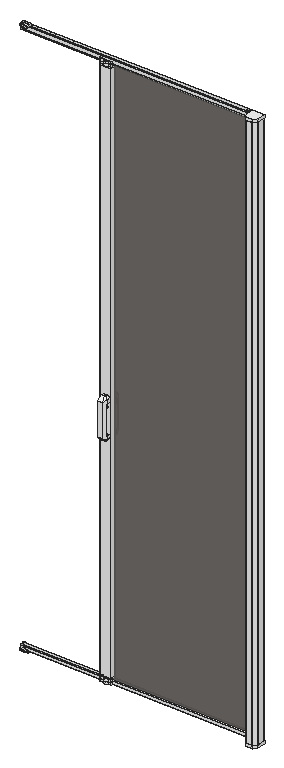
Revit family "Door_Screen-Sliding-Phantom_Screens-Single_Parting-Retractable_Door_Screens-1-3", category Specialty Equipment, Revit 2025 (continued)
Definition of nested family "Nested-Detail-Phantom_Screens-Retractable-Housing"
  Parameters (values of type "Housing")
    Manufacturer = "Phantom Mfg. (Int'l) Ltd."  # constant formula
    Description = "Housing"  # constant formula
  Reference planes (in)
    plane 1 "Center (Front/Back)": y = 0
    plane 2: z = 0
    plane 3 "Center (Left/Right)": x = 0
  Lines and regions (in)
    Masking region 1, in view "Ref. Level", detail levels medium+fine
      outline origin (0, 0.43304, 0) x (1, 0, 0) y (0, 1, 0)
        loop
          line (-0.92614, -0.03234) -> (-0.92614, -0.73511)
          arc (-0.92614, -0.73511) -> (-0.92049, -0.77182) -> (-0.90406, -0.80513) r 0.12207
          line (-0.90406, -0.80513) -> (-0.575, -1.27507)
          arc (-0.575, -1.27507) -> (-0.53137, -1.31333) -> (-0.47501, -1.32713) r 0.12207
          line (-0.47501, -1.32713) -> (0.37295, -1.32713)
          arc (0.37295, -1.32713) -> (0.42932, -1.31333) -> (0.47295, -1.27507) r 0.12207
          line (0.47295, -1.27507) -> (0.802, -0.80513)
          arc (0.802, -0.80513) -> (0.81843, -0.77182) -> (0.82408, -0.73511) r 0.12207
          line (0.82408, -0.73511) -> (0.82408, 0.28171)
          arc (0.82408, 0.28171) -> (0.70931, 0.40059) -> (0.58646, 0.29007) r 0.11896
          arc (0.58646, 0.29007) -> (0.59743, 0.26512) -> (0.6242, 0.26004) r 0.02925
          arc (0.6242, 0.26004) -> (0.6398, 0.26946) -> (0.6468, 0.28627) r 0.02925
          arc (0.6468, 0.28627) -> (0.74649, 0.32307) -> (0.70968, 0.22338) r 0.0585
          arc (0.70968, 0.22338) -> (0.69287, 0.21638) -> (0.68346, 0.20079) r 0.02925
          arc (0.68346, 0.20079) -> (0.68854, 0.17401) -> (0.71349, 0.16305) r 0.02925
          arc (0.71349, 0.16305) -> (0.7394, 0.1678) -> (0.76363, 0.17813) r 0.11896
          line (0.76363, 0.17813) -> (0.76363, -0.73517)
          arc (0.76363, -0.73517) -> (0.76078, -0.75364) -> (0.75252, -0.7704) r 0.06142
          line (0.75252, -0.7704) -> (0.42337, -1.24048)
          arc (0.42337, -1.24048) -> (0.40141, -1.25973) -> (0.37305, -1.26667) r 0.06142
          line (0.37305, -1.26667) -> (-0.37305, -1.26667)
          arc (-0.37305, -1.26667) -> (-0.35922, -1.22728) -> (-0.35985, -1.18554) r 0.11896
          arc (-0.35985, -1.18554) -> (-0.39413, -1.16238) -> (-0.41728, -1.19667) r 0.02925
          arc (-0.41728, -1.19667) -> (-0.50588, -1.25883) -> (-0.49571, -1.15286) r 0.0585
          arc (-0.49571, -1.15286) -> (-0.47823, -1.11383) -> (-0.51542, -1.09572) r 0.02925
          arc (-0.51542, -1.09572) -> (-0.55583, -1.11941) -> (-0.58396, -1.15688) r 0.11896
          line (-0.58396, -1.15688) -> (-0.85458, -0.7704)
          arc (-0.85458, -0.7704) -> (-0.86284, -0.75364) -> (-0.86568, -0.73517) r 0.06142
          line (-0.86568, -0.73517) -> (-0.86568, 0.05452)
          arc (-0.86568, 0.05452) -> (-1.03434, 0.10743) -> (-0.92614, -0.03234) r 0.09263
    Masking region 2, in view "Ref. Level", detail levels coarse
      outline origin (0, 0, 0) x (1, 0, 0) y (0, 1, 0)
        loop
          line (-1.05094, 0.83363) -> (-1.05094, -0.89408) -> (0.82408, -0.89408) -> (0.82408, 0.83363) -> (-1.05094, 0.83363)
  Dimensions and locks (in)
    Masking region 2 sketch curve to plane 1 "Center (Front/Back)" to Masking region 2 sketch curve = 0' - 0.89408" locked, 0' - 0.83363" locked
    Masking region 2 sketch curve to plane 3 "Center (Left/Right)" to Masking region 2 sketch curve = 0' - 1.05094" locked, 0' - 0.82408" locked
    Masking region 1 sketch curve to Masking region 1 sketch curve to Masking region 1 sketch curve to Masking region 1 sketch curve to Masking region 1 sketch curve to Masking region 1 sketch curve to Masking region 1 sketch curve to Masking region 1 sketch curve to Masking region 1 sketch curve to Masking region 1 sketch curve to Masking region 1 sketch curve to Masking region 1 sketch curve to plane 3 "Center (Left/Right)" to Masking region 1 sketch curve to Masking region 1 sketch curve to Masking region 1 sketch curve to Masking region 1 sketch curve to Masking region 1 sketch curve to Masking region 1 sketch curve to Masking region 1 sketch curve to Masking region 1 sketch curve to Masking region 1 sketch curve = 0' - 0.12481" locked, 0' - 0.02208" locked, 0' - 0.03838" locked, 0' - 0.01111" locked, 0' - 0.27061" locked, 0' - 0.00896" locked, 0' - 0.03987" locked, 0' - 0.0585" locked, 0' - 0.00162" locked, 0' - 0.10195" locked, 0' - 0.01374" locked, 0' - 0.35931" locked, 0' - 0.37295" locked, 0' - 0.0001" locked, 0' - 0.05031" locked, 0' - 0.04958" locked, 0' - 0.11344" locked, 0' - 0.09579" locked, 0' - 0.08145" locked, 0' - 0" locked, 0' - 0.06045" locked
    Masking region 1 sketch curve to Masking region 1 sketch curve to Masking region 1 sketch curve to Masking region 1 sketch curve to Masking region 1 sketch curve to Masking region 1 sketch curve to Masking region 1 sketch curve to Masking region 1 sketch curve to Masking region 1 sketch curve to Masking region 1 sketch curve to Masking region 1 sketch curve to Masking region 1 sketch curve to Masking region 1 sketch curve to Masking region 1 sketch curve to Masking region 1 sketch curve to Masking region 1 sketch curve to Masking region 1 sketch curve to plane 1 "Center (Front/Back)" to Masking region 1 sketch curve to Masking region 1 sketch curve to Masking region 1 sketch curve to Masking region 1 sketch curve to Masking region 1 sketch curve to Masking region 1 sketch curve = 0' - 0.05205" locked, 0' - 0" locked, 0' - 0.0084" locked, 0' - 0" locked, 0' - 0.02619" locked, 0' - 0.07863" locked, 0' - 0.00497" locked, 0' - 0.06276" locked, 0' - 0.28899" locked, 0' - 0" locked, 0' - 0.03473" locked, 0' - 0" locked, 0' - 0.03523" locked, 0' - 0" locked, 0' - 0.00006" locked, 0' - 0" locked, 0' - 0.30207" locked, 0' - 0.39493" locked, 0' - 0.20108" locked, 0' - 0.01516" locked, 0' - 0.08063" locked, 0' - 0.08145" locked, 0' - 0.06045" locked
Definition of nested family "Nested-Detail-Phantom_Screens-Slide_Bar"
  Parameters (values of type "Slide Bar")
    URL = "https://www.phantomscreens.com/"
    Type Comments = "For Use With Phantom Models Only"  # constant formula
    Manufacturer = "Phantom Mfg. (Int'l) Ltd."  # constant formula
    Description = "Slide Bar"  # constant formula
  Reference planes (in)
    plane 1 "Center (Front/Back)": y = 0
    plane 2: z = 0
    plane 3 "Center (Left/Right)": x = 0
  Lines and regions (in)
    Masking region 1, in view "Ref. Level", detail levels medium+fine
      outline origin (0, 0.43304, 0) x (1, 0, 0) y (0, 1, 0)
        loop
          line (0.80708, -0.24652) -> (0.73563, -0.23476)
          arc (0.73563, -0.23476) -> (0.59606, -0.18402) -> (0.73563, -0.13328) r 0.07901
          line (0.73563, -0.13328) -> (0.80708, -0.12151)
          arc (0.80708, -0.12151) -> (0.8488, -0.10423) -> (0.86608, -0.06251) r 0.05901
          line (0.86608, -0.06251) -> (0.86608, -0.03)
          arc (0.86608, -0.03) -> (0.8573, -0.00879) -> (0.83608, 0) r 0.03
          line (0.83608, 0) -> (-0.64506, 0)
          arc (-0.64506, 0) -> (-0.66456, -0.0195) -> (-0.64506, -0.039) r 0.0195
          line (-0.64506, -0.039) -> (-0.59057, -0.039) -> (-0.59057, -0.10001) -> (-0.81748, -0.10001) -> (-0.81748, -0.039) -> (-0.76307, -0.039)
          arc (-0.76307, -0.039) -> (-0.74357, -0.0195) -> (-0.76307, 0) r 0.0195
          line (-0.76307, 0) -> (-0.86608, 0) -> (-0.86608, -0.27403) -> (-0.82708, -0.27403) -> (-0.82708, -0.23052)
          arc (-0.82708, -0.23052) -> (-0.79658, -0.20002) -> (-0.76607, -0.23052) r 0.0305
          line (-0.76607, -0.23052) -> (-0.76607, -0.27403) -> (-0.66606, -0.27403) -> (-0.66606, -0.35603) -> (-0.76607, -0.35603) -> (-0.76607, -0.39954)
          arc (-0.76607, -0.39954) -> (-0.79658, -0.43004) -> (-0.82708, -0.39954) r 0.0305
          line (-0.82708, -0.39954) -> (-0.82708, -0.35453) -> (-0.86608, -0.35453) -> (-0.86608, -0.66506) -> (-0.66506, -0.86608) -> (0.83608, -0.86608)
          arc (0.83608, -0.86608) -> (0.8573, -0.8573) -> (0.86608, -0.83608) r 0.03
          line (0.86608, -0.83608) -> (0.86608, -0.30553)
          arc (0.86608, -0.30553) -> (0.8488, -0.26381) -> (0.80708, -0.24652) r 0.05901
    Masking region 2, in view "Ref. Level", detail levels fine
      outline origin (0, 0.43304, 0) x (1, 0, 0) y (0, 1, 0)
        loop
          line (0.80708, -0.31203) -> (0.67506, -0.31203)
          arc (0.67506, -0.31203) -> (0.58455, -0.27454) -> (0.54705, -0.18402) r 0.12801
          line (0.54705, -0.18402) -> (0.54705, -0.05901) -> (-0.54365, -0.05901)
          arc (-0.54365, -0.05901) -> (-0.55302, -0.12128) -> (-0.60906, -0.15001) r 0.06901
          line (-0.60906, -0.15001) -> (-0.68357, -0.15001)
          arc (-0.68357, -0.15001) -> (-0.71605, -0.18372) -> (-0.68115, -0.21521) r 0.0325
          arc (-0.68115, -0.21521) -> (-0.6291, -0.23347) -> (-0.60706, -0.28403) r 0.06901
          line (-0.60706, -0.28403) -> (-0.60706, -0.34603)
          arc (-0.60706, -0.34603) -> (-0.62727, -0.39483) -> (-0.67606, -0.41504) r 0.06901
          line (-0.67606, -0.41504) -> (-0.71607, -0.41504) -> (-0.71607, -0.48905) -> (-0.80708, -0.48905) -> (-0.80708, -0.64062) -> (-0.64062, -0.80708) -> (-0.15401, -0.80708) -> (-0.15401, -0.71007)
          arc (-0.15401, -0.71007) -> (-0.14686, -0.66942) -> (-0.12625, -0.63366) r 0.11901
          arc (-0.12625, -0.63366) -> (-0.08539, -0.63004) -> (-0.08101, -0.67154) r 0.029
          arc (-0.08101, -0.67154) -> (-0.035, -0.77007) -> (0.01177, -0.6709) r 0.06001
          arc (0.01177, -0.6709) -> (0.01538, -0.63004) -> (0.05624, -0.63366) r 0.029
          arc (0.05624, -0.63366) -> (0.07685, -0.66942) -> (0.08401, -0.71007) r 0.11901
          line (0.08401, -0.71007) -> (0.08401, -0.80708) -> (0.80708, -0.80708) -> (0.80708, -0.31203)
    Masking region 3, in view "Ref. Level", detail levels coarse
      outline origin (0, 0, 0) x (1, 0, 0) y (0, 1, 0)
        loop
          line (-0.86608, 0.43304) -> (-0.86608, -0.43304) -> (0.86608, -0.43304) -> (0.86608, 0.43304) -> (-0.86608, 0.43304)
  Dimensions and locks (in)
    Masking region 1 sketch curve to Masking region 1 sketch curve to Masking region 1 sketch curve to Masking region 1 sketch curve to Masking region 1 sketch curve to Masking region 1 sketch curve to Masking region 1 sketch curve to Masking region 1 sketch curve to Masking region 1 sketch curve to Masking region 1 sketch curve to Masking region 1 sketch curve to Masking region 1 sketch curve to plane 3 "Center (Left/Right)" to Masking region 1 sketch curve to Masking region 1 sketch curve to Masking region 1 sketch curve to Masking region 1 sketch curve to Masking region 1 sketch curve to Masking region 1 sketch curve = 0' - 0" locked, 0' - 0.039" locked, 0' - 0" locked, 0' - 0.0096" locked, 0' - 0.05141" locked, 0' - 0" locked, 0' - 0.0225" locked, 0' - 0.07751" locked, 0' - 0.001" locked, 0' - 0.0005" locked, 0' - 0.07399" locked, 0' - 0.59057" locked, 0' - 0.59606" locked, 0' - 0.21102" locked, 0' - 0" locked, 0' - 0.029" locked, 0' - 0.03" locked, 0' - 0" locked
    Masking region 1 sketch curve to Masking region 1 sketch curve to Masking region 1 sketch curve to Masking region 1 sketch curve to Masking region 1 sketch curve to Masking region 1 sketch curve to Masking region 1 sketch curve to Masking region 1 sketch curve to Masking region 1 sketch curve to Masking region 1 sketch curve to Masking region 1 sketch curve to Masking region 1 sketch curve to Masking region 1 sketch curve to Masking region 1 sketch curve to Masking region 1 sketch curve to Masking region 1 sketch curve to plane 1 "Center (Front/Back)" to Masking region 1 sketch curve to Masking region 1 sketch curve = 0' - 0" locked, 0' - 0.039" locked, 0' - 0" locked, 0' - 0.0235" locked, 0' - 0.0375" locked, 0' - 0.005" locked, 0' - 0.0165" locked, 0' - 0.07851" locked, 0' - 0.0465" locked, 0' - 0.0275" locked, 0' - 0" locked, 0' - 0.0315" locked, 0' - 0.049" locked, 0' - 0.0015" locked, 0' - 0.07401" locked, 0' - 0.003" locked, 0' - 0.23202" locked, 0' - 0.20102" locked
    Masking region 2 sketch curve to Masking region 2 sketch curve to Masking region 2 sketch curve to Masking region 2 sketch curve to Masking region 2 sketch curve to Masking region 2 sketch curve to Masking region 2 sketch curve to Masking region 2 sketch curve to Masking region 2 sketch curve to Masking region 2 sketch curve to Masking region 2 sketch curve to Masking region 2 sketch curve to Masking region 2 sketch curve to Masking region 2 sketch curve = 0' - 0.09101" locked, 0' - 0" locked, 0' - 0.07545" locked, 0' - 0.03356" locked, 0' - 0.06701" locked, 0' - 0.38604" locked, 0' - 0.02777" locked, 0' - 0 1/32" locked, 0' - 0.15125" locked, 0' - 0.02777" locked, 0' - 0.46304" locked, 0' - 0.12801" locked, 0' - 0.13201" locked
    Masking region 2 sketch curve to Masking region 2 sketch curve to Masking region 2 sketch curve to Masking region 2 sketch curve to Masking region 2 sketch curve to Masking region 2 sketch curve to Masking region 2 sketch curve to Masking region 2 sketch curve to Masking region 2 sketch curve to Masking region 2 sketch curve to Masking region 2 sketch curve to Masking region 2 sketch curve to Masking region 2 sketch curve = 0' - 0.09101" locked, 0' - 0.034" locked, 0' - 0.031" locked, 0' - 0.09701" locked, 0' - 0.10301" locked, 0' - 0.07401" locked, 0' - 0.13423" locked, 0' - 0" locked, 0' - 0.01735" locked, 0' - 0.12945" locked, 0' - 0.037" locked, 0' - 0" locked
    Masking region 3 sketch curve to plane 1 "Center (Front/Back)" to Masking region 3 sketch curve = 0' - 0.43304" locked, 0' - 0.43304" locked
    Masking region 3 sketch curve to plane 3 "Center (Left/Right)" to Masking region 3 sketch curve = 0' - 0.86608" locked, 0' - 0.86608" locked
Types (3): name | Width | Requested Width | Requested Height | Model | Magnetic Latch | Latch Handle | Height | Door Opening Width Calc | Screen Opening | Description
  (no name) | 3' - 0" | 3' - 0" | 7' - 0" | "Latch and Release System" | no | yes | 7' - 0" | 1' - 0" | 1' - 0" | "Phantom retractable door screen with latching handle"
  Magnetic Handle | 3' - 9" | 3' - 9" | 8' - 2" | "Magnet Latching System" | yes | no | 8' - 2" | 2' - 0" | 2' - 0" | "Phantom retractable door screen with magnet catch"
  Latch Handle | 3' - 0" | 3' - 0" | 7' - 0" | "Latch and Release System" | no | yes | 7' - 0" | 1' - 0" | 1' - 0" | "Phantom retractable door screen with latching handle"
